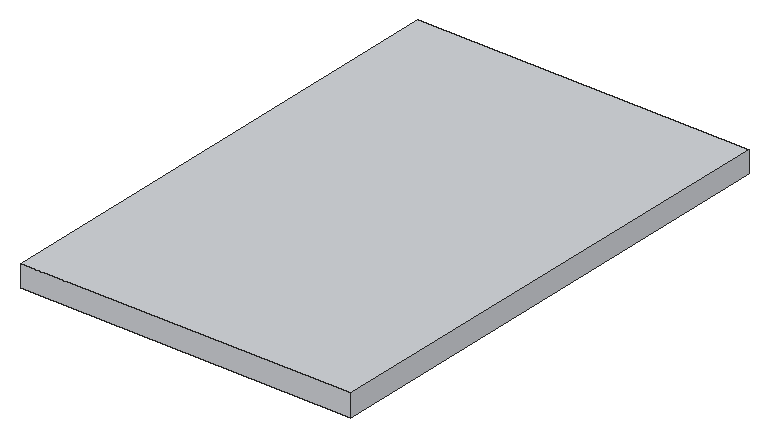
Revit family "CIRQUA-LI 1 Xxxx  F", category Oprawy oświetleniowe, Revit 2019
Family settings
  Obiekt nadrzędny = Powierzchnia
  Wymiar okrągłego złącza = Użyj średnicy
  Typ części = Normalny
  Numer OmniClass = 23.80.70.11
  Tytuł OmniClass = Luminaries for Internal Lighting
  Tnij formami wycięć po wczytaniu = Nie
  Źródło światła = Tak
  Współdzielony = Nie
  Punkt obliczania pomieszczeń = Nie
Parameters (values of type "CIRQUA-LI 1X3200-840 F")
  width = 100 mm  # constant formula
  weight = "1 kg"  # constant formula
  voltage type (AC, DC, UC) = "AC"
  rated input power = 26  # constant formula
  product name = "CIRQUA-LI 1X3200-840 F"
  nominal voltage = "230"
  nominal frequency = "50-60Hz"
  length = 231 mm  # constant formula
  ingress protection (IP) code = "IP20"
  height = 160 mm  # constant formula
  electrical safety class = "1"
  control gear = ""
  conformity mark = "CE"  # constant formula
  brand = "RIDI"
  approval mark = ""
  built-in parameter 1150104 = 13.8 (stored number, unit not read)
  Wattage = 20.6676 W
  Emituj ze średnicy okręgu = 76 mm  # constant formula
  Default Elevation = 0 mm
  built-in parameter 1150113 = 1 (stored number, unit not read)
  built-in parameter 1114218 = 1 (stored number, unit not read)
  URL = "www.ridi.de"
  built-in parameter 1150134 = 12
  built-in parameter 1150109 = 1 (stored number, unit not read)
  built-in parameter 1150110 = 1 (stored number, unit not read)
  Apparent Load = 26 VA  # constant formula
  Tilt Angle = 90.00°
  Model = "0321988AH"
  built-in parameter 1114217 = 1 (stored number, unit not read)
  built-in parameter 1150139 = (empty or 0)
  built-in parameter 1150105 = 7334.8 (stored number, unit not read)
  built-in parameter 1150114 = 1 (stored number, unit not read)
  Lumens = 3070 lm
  built-in parameter 1150115 = 1 (stored number, unit not read)
  built-in parameter 1150112 = 1 (stored number, unit not read)
  Lampa = "LED"
  Producent = "RIDI Leuchten GmbH"  # constant formula
  Dimming Lamp Color Temperature Shift = (empty or 0)
  Color Filter = 16777215
  built-in parameter 1150133 = 10 (stored number, unit not read)
  Emit Shape Visible in Rendering = no
  built-in parameter 1150137 = (empty or 0)
  built-in parameter 1150132 = 2
  Plik sieci fotometrycznej = "CIRQUA-L 1x3200-840 F.IES"
  Copyright = "© RIDI. All rights reserved."  # constant formula
  built-in parameter 1150106 = 73.348 (stored number, unit not read)
  Kod zespołu = "D5020200"
  built-in parameter 1150107 = 4000 (stored number, unit not read)
  built-in parameter 1150102 = (empty or 0)
  built-in parameter 1150138 = (empty or 0)
Types (4, lengths in mm): name | product name | Wattage | built-in parameter 1150134 | Model | built-in parameter 1150105 | Lumens | built-in parameter 1150106 | built-in parameter 1150107
  (no name) | "CIRQUA-LI 1X3200-840 F" | 20.6676 W | 12 | "0321988AH" | 7334.8 (stored number, unit not read) | 3070 lm | 73.348 (stored number, unit not read) | 4000 (stored number, unit not read)
  CIRQUA-LI 1X3000-830 F | "CIRQUA-LI 1X3000-830 F" | 19.7924 W | (empty or 0) | "0321992AH" | 233.96 (stored number, unit not read) | 2940 lm | 2.3396 (stored number, unit not read) | 3000 (stored number, unit not read)
  CIRQUA-LI 1X3200-840 F | "CIRQUA-LI 1X3200-840 F" | 20.6676 W | 12 | "0321988AH" | 7334.8 (stored number, unit not read) | 3070 lm | 73.348 (stored number, unit not read) | 4000 (stored number, unit not read)
  CIRQUA-LI 1X2600-930 F | "CIRQUA-LI 1X2600-930 F" | 16.8976 W | (empty or 0) | "0321996AH" | 199.74 (stored number, unit not read) | 2510 lm | 1.9974 (stored number, unit not read) | 3000 (stored number, unit not read)
Reference planes
  plane 1 "Mitte (Vorne/hinten)": y = 0
  plane 2: z = 24.176
  plane 3 "Mitte (Links/rechts)": x = 22
  plane 4: z = 0
Forms (mm)
  Extrusion 1, solid
    sketch origin (219.2, 280.8, 0) x (1, 0, 0) y (0, 1, 0)
      loop
        line (-1219.2, 1219.2) -> (-1219.2, -1780.8) -> (780.8, -1780.8) -> (780.8, 1219.2) -> (-1219.2, 1219.2)
    from 24.176 to -107.307
Dimensions and locks
  aligned and locked: plane 2 to Extrusion 1
Connectors
  electrical at (22.05, -6.85, -4.224), driven by "Apparent Load"
    settings: on import instance, index 1, voltage 230 V, apparent load 0 VA, apparent load phase1 26 VA, apparent load phase2 0 VA, apparent load phase3 0 VA, power factor 1, load classification "Lighting", number of poles 1, system type 31, power factor state 1, is connector primary yes, connector utility no, sub classification motor no, connector description ""
